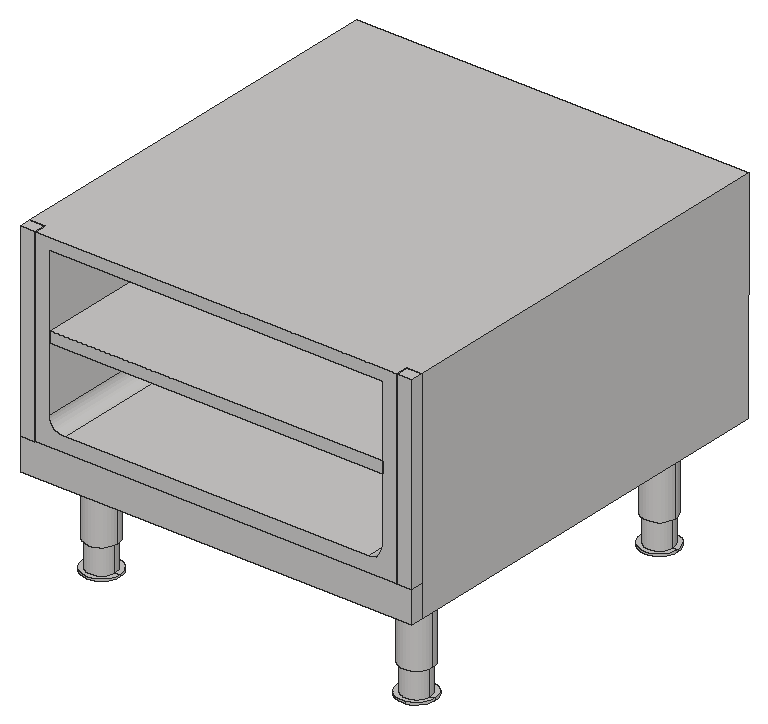
Revit family "QF_ELECTROLUXPROFESSIONAL_589808_MC1HCAHOOM", category Attrezzature speciali, Revit 2021
Family settings
  Quota connettore circolare = Usa diametro
  Tipo di parte = Normale
  Basato su piano di lavoro = No
  Sempre verticale = Sì
  Taglio con vuoti quando caricato = No
  Condiviso = No
  Punto di calcolo locali = No
Parameters (values of type "Standard")
  Weight = 22.00 kg
  Watts = 0 W
  Volts = 0 V
  URL Manufacturer = "https://www.electroluxprofessional.com/"
  URL = "https://www.electroluxprofessional.com/"
  Steam Supply Size = 0"
  Steam Supply Minimum Pressure = 0.00 psi
  Steam Supply Maximum Pressure = 0.00 psi
  Steam Consumption per Hour = 0
  Refrigeration Suction Line Size = 0 mm
  Refrigeration Liquid Line Size = 0 mm
  Refrigerant Compressor Remote = yes
  Prospetto di default = 0 mm
  Phase = 0
  Modello = "MC1HCAHOOM"
  Produttore = "Electrolux Professional"
  Length Actual = 800 mm  # constant formula
  Item Number = "589808"
  Hot Water Size = 0"
  Height Actual = 450 mm  # constant formula
  HP = "0 HP"
  Gas Size = 0"
  Gas KW = 0
  Gas Input Pressure = 0.0 Btu/h
  Direct Waste Size = 0"
  Descrizione = "OPEN BASE,H3,GN,1S,800X900X450 MARINE"
  Depth Actual = 900 mm  # constant formula
  Cycle = 0 Hz
  Condensate Return Size = 0"
  Compressed Air Volume = 0 GPM
  Compressed Air Size = 0"
  Compressed Air Pressure = 0.00 psi
  Cold Water Size = 0"
  Accessory = yes
Reference planes
  plane 1 "BACK": y = 0
  plane 2: z = 0
  plane 3 "LEFT": x = 0
  plane 4 "RIGHT": x = 800
  plane 5 "FRONT": y = -900
  plane 6 "PLAIN": z = 900
  plane 7 "Center (Left/Right)": x = 400
  plane 8 "Center (Front/Back)": y = -450
  plane 9 "TOP": z = 650
  plane 10 "BASE": z = 200
  plane 11: x = 722
  plane 12: x = 78
  plane 13 "Feet_back": y = -150
  plane 14 "Feet_Front": y = -770
  plane 15: x = 30
  plane 16: x = 770
  plane 17: z = 265
  plane 18: y = -20
  plane 19: y = -855
  plane 20: y = -45
  plane 21: y = -880
Forms (mm)
  Extrusion 1, solid, material "QF_Finishes_Stainless Steel"
    sketch origin (0, 0, 650) x (0, 1, 0) y (0, 0, 1)
      loop
        line (-20, -450) -> (-20, 0) -> (-855, 0) -> (-855, -450) -> (-20, -450)
    from 0 to 800
  Extrusion 2, solid, material "QF_Finishes_Stainless Steel"
    sketch origin (0, 0, 650) x (0, 1, 0) y (0, 0, 1)
      loop
        line (-880, -450) -> (-855, -450) -> (-855, -385) -> (-880, -385) -> (-880, -450)
    from 0 to 800
  Extrusion 3, void
    sketch origin (0, -900, 0) x (1, 0, 0) y (0, 0, 1)
      loop
        line (30, 650) -> (30, 265) -> (770, 265) -> (770, 650) -> (30, 650)
    from 0 to -855
  Extrusion 4, solid, material "QF_Finishes_Stainless Steel"
    sketch origin (0, -900, 0) x (1, 0, 0) y (0, 0, 1)
      loop
        line (60, 650) -> (60, 627) -> (740, 627) -> (740, 650) -> (60, 650)
    from -20 to -880
  Extrusion 5, solid, material "QF_Finishes_Stainless Steel"
    sketch origin (0, -900, 0) x (1, 0, 0) y (0, 0, 1)
      loop
        line (30, 650) -> (30, 265) -> (770, 265) -> (770, 650) -> (740, 650) -> (740, 325)
        arc (740, 325) -> (731.213, 303.787) -> (710, 295) r 30
        line (710, 295) -> (90, 295)
        arc (90, 295) -> (68.787, 303.787) -> (60, 325) r 30
        line (60, 325) -> (60, 650) -> (30, 650)
    from -20 to -855
  Extrusion 6, solid, material "QF_Finishes_Stainless Steel"
    sketch origin (0, -900, 0) x (1, 0, 0) y (0, 0, 1)
      loop
        line (0, 650) -> (0, 265) -> (30, 265) -> (30, 650) -> (0, 650)
    from -20 to -45
  Extrusion 7, solid, material "QF_Finishes_Stainless Steel"
    sketch origin (0, -900, 0) x (1, 0, 0) y (0, 0, 1)
      loop
        line (770, 650) -> (770, 265) -> (800, 265) -> (800, 650) -> (770, 650)
    from -20 to -45
  Extrusion 8, solid, material "QF_Finishes_Stainless Steel"
    sketch origin (0, -900, -170) x (1, 0, 0) y (0, 0, 1)
      loop
        line (60, 650) -> (60, 627) -> (740, 627) -> (740, 650) -> (60, 650)
    from -20 to -855
Cuts and joins
  Extrusion 3 cuts Extrusion 1
  joined: Extrusion 1, Extrusion 4, Extrusion 5
Lines and regions (mm)
  symbolic lines, style "SpecialityEquipmentHiddenLines"
    curve 1: line (0, 0, 0) -> (800, 0, 0)
    curve 2: line (0, -900, 0) -> (0, 0, 0)
    curve 3: line (800, -900, 0) -> (0, -900, 0)
    curve 4: line (800, 0, 0) -> (800, -900, 0)
Dimensions and locks
  plane 3 "LEFT" to plane 4 "RIGHT" = 800 mm
  plane 5 "FRONT" to plane 1 "BACK" = 900 mm
  equal spacing: plane 3 "LEFT", plane 7 "Center (Left/Right)", plane 4 "RIGHT"
  equal spacing: plane 5 "FRONT", plane 8 "Center (Front/Back)", plane 1 "BACK"
  plane 6 "PLAIN" to plane 9 "TOP" = 250 mm
  plane 10 "BASE" to level = 200 mm
  plane 9 "TOP" to plane 10 "BASE" = 450 mm
  locked: plane 1 "BACK" to plane 13 "Feet_back" at 150
  locked: plane 14 "Feet_Front" to plane 5 "FRONT" at 130
  locked: plane 12 to plane 3 "LEFT" at 78
  locked: plane 11 to plane 4 "RIGHT" at 78
  plane 16 to plane 15 = 740 mm
  equal spacing: plane 16, plane 7 "Center (Left/Right)", plane 15
  locked: plane 17 to plane 10 "BASE" at 65
  locked: plane 1 "BACK" to plane 18 at 20
  plane 9 "TOP" to Extrusion 4 sketch curve = 23 mm
  locked: Extrusion 4 sketch curve to plane 15 at 30
  locked: plane 16 to Extrusion 4 sketch curve at 30
  locked: Extrusion 5 sketch curve to plane 17 at 30
  plane 6 "PLAIN" to level = 900 mm
  Extrusion 5 to Extrusion 5 = 680 mm
  locked: plane 18 to plane 20 at 25
  locked: plane 21 to plane 5 "FRONT" at 20
  locked: plane 19 to plane 21 at 25
  plane 18 to plane 21 = 860 mm
  aligned and locked: level to plane 2
  aligned and locked: Extrusion 1 to plane 4 "RIGHT"
  aligned and locked: Extrusion 1 to plane 3 "LEFT"
  aligned and locked: Extrusion 2 to plane 4 "RIGHT"
  aligned and locked: plane 9 "TOP" to Extrusion 3 sketch curve
  aligned and locked: Extrusion 3 sketch curve to plane 15
  aligned and locked: plane 16 to Extrusion 3 sketch curve
  aligned and locked: Extrusion 2 to plane 10 "BASE"
  aligned and locked: Extrusion 2 to plane 17
  aligned and locked: plane 17 to Extrusion 3 sketch curve
  aligned and locked: Extrusion 4 to plane 18
  aligned and locked: Extrusion 5 sketch curve to plane 15
  aligned and locked: plane 16 to Extrusion 5 sketch curve
  aligned and locked: plane 9 "TOP" to Extrusion 5 sketch curve  (x2)
  aligned and locked: plane 17 to Extrusion 5 sketch curve
  aligned and locked: Extrusion 5 sketch curve to Extrusion 4  (x2)
  aligned and locked: Extrusion 6 sketch curve to plane 9 "TOP"
  aligned and locked: plane 3 "LEFT" to Extrusion 6 sketch curve
  aligned and locked: Extrusion 6 sketch curve to plane 17
  aligned and locked: Extrusion 6 sketch curve to plane 15
  aligned and locked: Extrusion 7 sketch curve to plane 9 "TOP"
  aligned and locked: plane 16 to Extrusion 7 sketch curve
  aligned and locked: Extrusion 7 sketch curve to plane 17
  aligned and locked: plane 4 "RIGHT" to Extrusion 7 sketch curve
  aligned and locked: Extrusion 5 to plane 20
  aligned and locked: cut or joined group of Extrusion 1, Extrusion 3, Extrusion 4, Extrusion 5 to plane 20
  aligned and locked: cut or joined group of Extrusion 1, Extrusion 3, Extrusion 4, Extrusion 5 to plane 18
  aligned and locked: Extrusion 6 to plane 19
  aligned and locked: plane 21 to Extrusion 6
  aligned and locked: plane 21 to Extrusion 5
  aligned and locked: plane 21 to Extrusion 7
  aligned and locked: Extrusion 7 to plane 19
  aligned and locked: Extrusion 2 to plane 19
  aligned and locked: plane 21 to Extrusion 2
  aligned and locked: plane 21 to cut or joined group of Extrusion 1, Extrusion 3, Extrusion 4, Extrusion 5
  aligned and locked: Extrusion 8 to plane 20
  aligned and locked: plane 12 to nested 1
  aligned and locked: plane 11 to nested 2
  aligned and locked: plane 13 "Feet_back" to nested 1
  aligned and locked: plane 13 "Feet_back" to nested 2
Automatic sketch dimensions
  curve 3 to plane 3 "LEFT" = 0 mm
  curve 3 to plane 4 "RIGHT" = 0 mm
  plane 5 "FRONT" to curve 3 = 0 mm
  plane 1 "BACK" to curve 2 = 0 mm
  Extrusion 1 sketch curve to plane 10 "BASE" = 0 mm
  Extrusion 1 sketch curve to plane 19 = 0 mm
  Extrusion 1 sketch curve to plane 18 = 0 mm
  Extrusion 1 sketch curve to plane 9 "TOP" = 0 mm
  plane 17 to Extrusion 2 sketch curve = 0 mm
  Extrusion 2 sketch curve to plane 21 = 0 mm
  Extrusion 2 sketch curve to plane 10 "BASE" = 0 mm
  Extrusion 2 sketch curve to plane 19 = 0 mm
  Extrusion 4 sketch curve to plane 9 "TOP" = 0 mm
  Extrusion 5 sketch curve to Extrusion 5 sketch curve = 30 mm  (x2)
  plane 15 to Extrusion 8 sketch curve = 30 mm
  Extrusion 8 sketch curve to plane 16 = 30 mm
  Extrusion 8 sketch curve to plane 9 "TOP" = 193 mm
  Extrusion 8 sketch curve to Extrusion 8 sketch curve = 23 mm
Nested families
  nested 1: "FEET200_MARINE" at (78, -150, 0), type "FEET200_MARINE"
  nested 2: "FEET200_MARINE" at (722, -150, 0), type "FEET200_MARINE"
  nested 3: "FEET200_MARINE" at (78, -770, 0), type "FEET200_MARINE"
  nested 4: "FEET200_MARINE" at (722, -770, 0), type "FEET200_MARINE"
Definition of nested family "FEET200_MARINE"
  Parameters (values of type "FEET200_MARINE")
    Default Elevation = 0 mm
    FEET = 200 mm
  Reference planes
    plane 1 "Center (Front/Back)": y = 0
    plane 2: z = 0
    plane 3 "Center (Left/Right)": x = 0
    plane 4: z = 200
  Forms (mm)
    Revolve 1, solid
      sketch origin (0, 0, 0) x (1, 0, 0) y (0, 0, 1)
        loop
          line (0, 200) -> (-38, 200) -> (-38, 196) -> (-33, 196) -> (-33, 59) -> (-28, 59) -> (-28, 4) -> (-38, 4) -> (-38, 0) -> (0, 0) -> (0, 200)
        axis (0, 0) -> (0, 200)
      angle from 0 to 360
  Lines and regions (mm)
    symbolic lines
      curve 1: line (0, -1.503, 0) -> (0, 1.508, 0)
      curve 2: line (1.561, 0, 0) -> (-1.439, 0, 0)
  Dimensions and locks
    "FEET": plane 4 to plane 2
    aligned and locked: level to plane 2
  Automatic sketch dimensions
    plane 1 "Center (Front/Back)" to curve 2 = 0 mm
    curve 1 to plane 3 "Center (Left/Right)" = 0 mm
    curve 2 to plane 3 "Center (Left/Right)" = 1.439 mm
    plane 3 "Center (Left/Right)" to curve 2 = 1.561 mm
    plane 1 "Center (Front/Back)" to curve 1 = 1.503 mm
    curve 1 to plane 1 "Center (Front/Back)" = 1.508 mm
    Revolve 1 sketch curve to plane 4 = 0 mm
    Revolve 1 sketch curve to level = 0 mm  (x2)
    Revolve 1 sketch curve to plane 3 "Center (Left/Right)" = 0 mm  (x2)
    Revolve 1 sketch curve to plane 3 "Center (Left/Right)" = 28 mm
    Revolve 1 sketch curve to Revolve 1 sketch curve = 5 mm  (x2)
    level to Revolve 1 sketch curve = 4 mm
    Revolve 1 sketch curve to Revolve 1 sketch curve = 10 mm
    Revolve 1 sketch curve to Revolve 1 sketch curve = 55 mm
    plane 4 to Revolve 1 sketch curve = 40 mm
    Revolve 1 sketch curve to plane 4 = 4 mm
